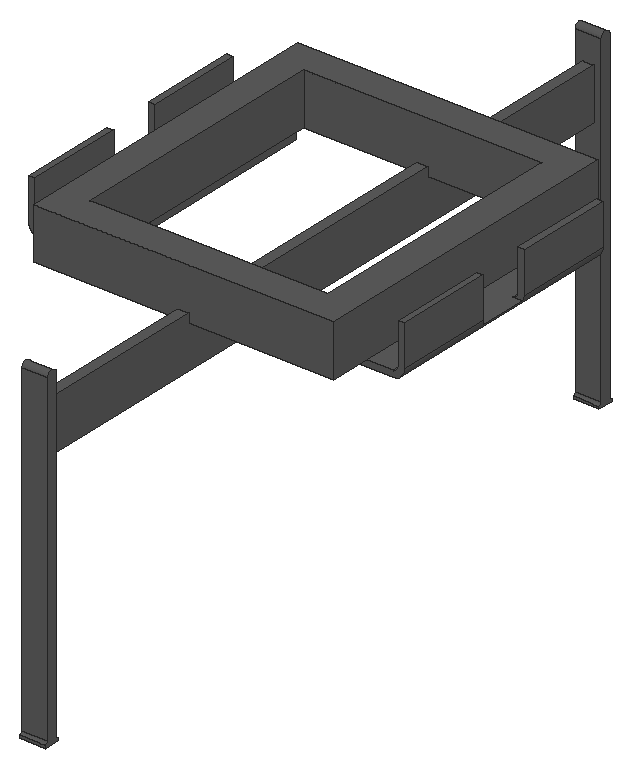
Revit family "FU_Frame_LAP0140", category Furniture, Revit 2020
Family settings
  OmniClass Number = 23.40.20.00
  OmniClass Title = General Furniture and Specialties
  Work Plane-Based = No
  Always vertical = Yes
  Cut with Voids When Loaded = No
  Shared = No
  Room Calculation Point = No
Parameters (values of type "LAP0140")
  Width = 365 mm
  URL = "https://www.sandlerseating.com/product/lapse-0140/"
  Model = "LAP0140"
  Manufacturer = "Sandler"
  Height = 340 mm
  Frame [instance] = Epoxy - M1_B00 - Black
  Description = "Steel middle connection leg for modular sofas.\r\nIt replaces 2 side legs when connecting 2 frames."
  Depth = 690 mm
  Default Elevation = 0 mm
Types (2, lengths in mm): name | Depth
  (no name) | 320
  LAP0140 | 690
Reference planes
  plane 1 "Center (Front/Back)": y = 0
  plane 2: z = 0
  plane 3 "Center (Left/Right)": x = 0
  plane 4 "Right": x = -182.5
  plane 5 "Left": x = 182.5
  plane 6 "Back": y = 345
  plane 7 "Front": y = -345
  plane 8 "Height": z = 340
  plane 9 "Frame Base": z = 280
Dimensions and locks
  equal spacing: plane 4 "Right", plane 3 "Center (Left/Right)", plane 5 "Left"
  "Width": plane 4 "Right" to plane 5 "Left"
  equal spacing: plane 6 "Back", plane 1 "Center (Front/Back)", plane 7 "Front"
  "Depth": plane 6 "Back" to plane 7 "Front"
  "Height": plane 8 "Height" to level
  plane 9 "Frame Base" to level = 280 mm
  aligned and locked: level to plane 2
Nested families
  nested 1: "FU_Leg_LAP0100" at (0, 0, 0), Frame <- "Frame", type "LAP0100"
    with Frame Epoxy - M1_B00 - Black
  nested 2: "FU_Frame_LAP0600OP" at (0, 0, 0), type "LAP0600OP"
    with Frame Epoxy - M1_B00 - Black
Definition of nested family "FU_Leg_LAP0100"
  Parameters (values of type "LAP0100")
    URL = "https://www.sandlerseating.com/product/lapse-metal-leg/"
    Model = "LAP0100"
    Manufacturer = "Sandler"
    Frame [instance] = none
    Description = "Steel legs for Lapse, finished in black or white epoxy paint."
    Default Elevation = 0 mm
  Reference planes
    plane 1 "Center (Front/Back)": y = 0
    plane 2: z = 0
    plane 3 "Center (Left/Right)": x = 0
  Forms (mm)
    Extrusion 1, solid, material <- "Frame"
      sketch origin (0, 0, 0) x (0, 1, 0) y (0, 0, 1)
        loop
          arc (-330, 320) -> (-335, 325) -> (-340, 320) r 5
          line (-340, 320) -> (-340, 5)
          arc (-340, 5) -> (-340.732, 3.232) -> (-342.5, 2.5) r 2.5
          line (-342.5, 2.5) -> (-342.5, 0) -> (-327.5, 0) -> (-327.5, 2.5)
          arc (-327.5, 2.5) -> (-329.268, 3.232) -> (-330, 5) r 2.5
          line (-330, 5) -> (-330, 320)
      from 12.5 to -12.5
    Extrusion 2, solid, material <- "Frame"
      sketch origin (0, 0, 0) x (0, -1, 0) y (0, 0, -1)
        loop
          line (-330, -320) -> (-330, -5)
          arc (-330, -5) -> (-329.268, -3.232) -> (-327.5, -2.5) r 2.5
          line (-327.5, -2.5) -> (-327.5, 0) -> (-342.5, 0) -> (-342.5, -2.5)
          arc (-342.5, -2.5) -> (-340.732, -3.232) -> (-340, -5) r 2.5
          line (-340, -5) -> (-340, -320)
          arc (-340, -320) -> (-335, -325) -> (-330, -320) r 5
      from 12.5 to -12.5
    Extrusion 3, solid, material <- "Frame"
      sketch origin (0, 0, 0) x (0, 1, 0) y (0, 0, 1)
        loop
          line (330, 295) -> (-330, 295) -> (-330, 245) -> (330, 245) -> (330, 295)
      from 5 to -5
  Dimensions and locks
    aligned and locked: level to plane 2
    aligned and locked: Extrusion 3 sketch curve to Extrusion 2
Definition of nested family "FU_Frame_LAP0600OP"
  Parameters (values of type "LAP0600OP")
    Width = 365 mm
    URL = "https://www.sandlerseating.com/product/lapse-lap0600op/"
    Model = "LAP0600OP"
    Manufacturer = "Sandler"
    Height = 340 mm
    Frame [instance] = none
    Description = "Connecting Plate for Lapse units"
    Depth = 320 mm
    Default Elevation = 0 mm
  Reference planes
    plane 1 "Center (Front/Back)": y = 0
    plane 2: z = 0
    plane 3 "Center (Left/Right)": x = 0
    plane 4 "Right": x = -182.5
    plane 5 "Left": x = 182.5
    plane 6 "Back": y = 160
    plane 7 "Front": y = -160
    plane 8 "Height": z = 340
    plane 9 "Frame Base": z = 280
  Forms (mm)
    Extrusion 1, solid, material <- "Frame"
      sketch origin (0, 0, 280) x (-1, 0, 0) y (0, -1, 0)
        loop
          line (145, -160) -> (145, 160) -> (-145.003, 160) -> (-145.003, -160) -> (145, -160)
        loop
          line (115, -129.5) -> (115, 129.5) -> (-115, 129.5) -> (-115, -129.5) -> (115, -129.5)
      from 6.5 to 56.5
    Extrusion 2, solid, material <- "Frame"
      sketch origin (0, 0, 0) x (1, 0, 0) y (0, 0, 1)
        loop
          line (-182, 330.935) -> (-182, 291.02)
          arc (-182, 291.02) -> (-178.772, 283.228) -> (-170.979, 280) r 11.02
          line (-170.979, 280) -> (-114.999, 280) -> (-114.999, 286) -> (-171, 286)
          arc (-171, 286) -> (-174.535, 287.464) -> (-176, 291) r 5
          line (-176, 291) -> (-176, 330.935) -> (-182, 330.935)
      from -120 to 120
    Extrusion 3, void
      sketch origin (0, 0, 280) x (-1, 0, 0) y (0, -1, 0)
        loop
          line (187.758, -25) -> (187.758, 25) -> (171.036, 25) -> (171.036, -25) -> (187.758, -25)
      from 6 to 60
    Extrusion 4, solid, material <- "Frame"
      sketch origin (0, 0, 0) x (-1, 0, 0) y (0, 0, -1)
        loop
          line (-182, -330.935) -> (-176, -330.935) -> (-176, -291)
          arc (-176, -291) -> (-174.535, -287.464) -> (-171, -286) r 5
          line (-171, -286) -> (-114.999, -286) -> (-114.999, -280) -> (-170.979, -280)
          arc (-170.979, -280) -> (-178.772, -283.228) -> (-182, -291.02) r 11.02
          line (-182, -291.02) -> (-182, -330.935)
      from -120 to 120
    Extrusion 5, void
      sketch origin (0, 0, 280) x (1, 0, 0) y (0, 1, 0)
        loop
          line (187.758, 25) -> (171.036, 25) -> (171.036, -25) -> (187.758, -25) -> (187.758, 25)
      from 6 to 60
  Cuts and joins
    Extrusion 3 cuts Extrusion 2
    Extrusion 5 cuts Extrusion 4
  Dimensions and locks
    equal spacing: plane 4 "Right", plane 3 "Center (Left/Right)", plane 5 "Left"
    "Width": plane 4 "Right" to plane 5 "Left"
    equal spacing: plane 6 "Back", plane 1 "Center (Front/Back)", plane 7 "Front"
    "Depth": plane 6 "Back" to plane 7 "Front"
    "Height": plane 8 "Height" to level
    plane 9 "Frame Base" to level = 280 mm
    aligned and locked: level to plane 2
  Automatic sketch dimensions
    Extrusion 1 sketch curve to plane 6 "Back" = 0 mm
    Extrusion 1 sketch curve to plane 7 "Front" = 0 mm
    plane 5 "Left" to Extrusion 1 sketch curve = 37.497 mm
    Extrusion 1 sketch curve to Extrusion 1 sketch curve = 30.003 mm
    Extrusion 1 sketch curve to plane 6 "Back" = 30.5 mm
    Extrusion 1 sketch curve to plane 4 "Right" = 67.5 mm
    Extrusion 1 sketch curve to plane 4 "Right" = 37.5 mm
    plane 7 "Front" to Extrusion 1 sketch curve = 30.5 mm
    Extrusion 2 sketch curve to plane 9 "Frame Base" = 0 mm
    Extrusion 2 sketch curve to plane 4 "Right" = 0.5 mm
    Extrusion 2 sketch curve to Extrusion 2 sketch curve = 6 mm
    Extrusion 2 sketch curve to Extrusion 2 sketch curve = 5 mm
    Extrusion 2 sketch curve to Extrusion 2 sketch curve = 0.02 mm
    Extrusion 2 sketch curve to Extrusion 2 sketch curve = 55.98 mm
    Extrusion 2 sketch curve to Extrusion 2 sketch curve = 5.02 mm
    Extrusion 2 sketch curve to plane 8 "Height" = 9.065 mm
    Extrusion 3 sketch curve to plane 4 "Right" = 11.464 mm
    plane 4 "Right" to Extrusion 3 sketch curve = 5.258 mm
    Extrusion 3 sketch curve to plane 1 "Center (Front/Back)" = 25 mm
    plane 1 "Center (Front/Back)" to Extrusion 3 sketch curve = 25 mm
    Extrusion 4 sketch curve to plane 9 "Frame Base" = 0 mm
    Extrusion 4 sketch curve to plane 5 "Left" = 0.5 mm
    Extrusion 4 sketch curve to Extrusion 4 sketch curve = 6 mm
    Extrusion 4 sketch curve to Extrusion 4 sketch curve = 5 mm
    Extrusion 4 sketch curve to Extrusion 4 sketch curve = 0.02 mm
    Extrusion 4 sketch curve to Extrusion 4 sketch curve = 55.98 mm
    Extrusion 4 sketch curve to Extrusion 4 sketch curve = 5.02 mm
    plane 8 "Height" to Extrusion 4 sketch curve = 9.065 mm
    Extrusion 5 sketch curve to plane 5 "Left" = 11.464 mm
    plane 5 "Left" to Extrusion 5 sketch curve = 5.258 mm
    plane 1 "Center (Front/Back)" to Extrusion 5 sketch curve = 25 mm
    Extrusion 5 sketch curve to plane 1 "Center (Front/Back)" = 25 mm
